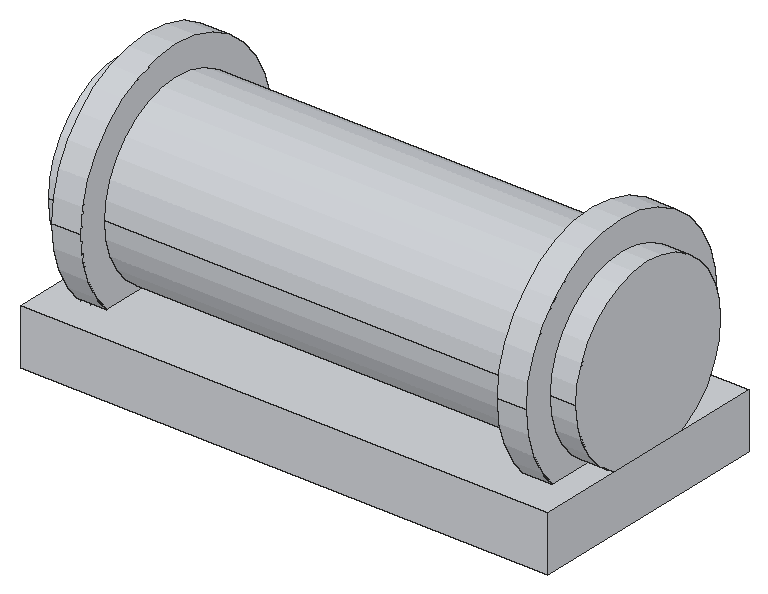
Revit family "GIS_BusModule", category Modelos genéricos, Revit 2027
Family settings
  Pode hospedar o vergalhão = Não
  Cota do conector redondo = Utilizar diâmetro
  Tipo de parte = Normal
  Com base no plano de trabalho = Não
  Sempre na vertical = Sim
  Corte com vazios quando carregada = Não
  Manter orientação da anotação = Não
  Compartilhado = Não
  Ponto de cálculo do ambiente = Não
Parameters (values of type "GIS_BUS_F35_145KV_VARIANT_REFERENCE")
  Elevação padrão = 0 mm
  BIM_TensaoSecundaria_kV = 0
  BIM_TensaoNominal_kV = 138
  BIM_TensaoClasse_kV = 145
  BIM_TensaoClasseSecundaria_kV = 0
  BIM_TensaoAuxiliarCA_kV = 0
  BIM_Sistema_Elemento [instance] = ""
  BIM_ReferenciaCatalogo = "GE Vernova F35-145 brochure: fully digital SF6 variant bay width 800 mm; bus-module envelope, enclosure size, joints and supports remain portfolio estimates"
  BIM_Profundidade = 380 mm
  BIM_Potencia_MVA = 0
  BIM_Localizacao [instance] = ""
  BIM_Largura = 800 mm
  BIM_Impedancia_pu = 0
  BIM_FonteGeometria = "GE Vernova F35-145 brochure: fully digital SF6 variant bay width 800 mm; bus-module envelope, enclosure size, joints and supports remain portfolio estimates"
  BIM_Fabricante = "NAO SELECIONADO"
  BIM_EstadoGeometria = "REFERENCE_PITCH_ESTIMATED_MODULE"
  BIM_EstadoEspecificacao = "PREMISSA / NAO SELECIONADO"
  BIM_DescricaoEstudo = "Módulo geométrico de invólucro de barra, pitch referenciado em variante F35; diâmetro, juntas e suportes estimados; condutor interno não modelado."
  BIM_CorrenteReferenciaSecundaria_A = 0
  BIM_CorrenteNominal_A = 0
  BIM_Bay [instance] = ""
  BIM_AlturaCorpoPrincipal = 83.6 mm
  BIM_Altura = 380 mm
Reference planes
  plane 1 "Centro (Frente/Trás)": y = 0
  plane 2: z = 0
  plane 3 "Centro (Esquerda/Direita)": x = 0
  plane 4 "BIM Left": x = -400
  plane 5 "BIM Right": x = 400
  plane 6 "BIM Front": y = -190
  plane 7 "BIM Back": y = 190
Forms (mm)
  Extrusion 1, solid
    sketch origin (0, 0, 0) x (1, 0, 0) y (0, 1, 0)
      loop
        line (-400, -190) -> (400, -190) -> (400, 190) -> (-400, 190) -> (-400, -190)
    from 0 to 83.6 <- "BIM_AlturaCorpoPrincipal"
  Extrusion 2, solid
    sketch origin (-400, 0, 205.2) x (0, 1, 0) y (0, 0, 1)
      loop
        circle (0, 0) r 136.8
    from 0 to 800
  Extrusion 3, solid
    sketch origin (-360, 0, 205.2) x (0, 1, 0) y (0, 0, 1)
      loop
        circle (0, 0) r 180.576
      loop
        circle (0, 0) r 113.544
    from 0 to 44
  Extrusion 4, solid
    sketch origin (316, 0, 205.2) x (0, 1, 0) y (0, 0, 1)
      loop
        circle (0, 0) r 180.576
      loop
        circle (0, 0) r 113.544
    from 0 to 44
Dimensions and locks
  "BIM_Largura": plane 4 "BIM Left" to plane 5 "BIM Right"
  "BIM_Profundidade": plane 6 "BIM Front" to plane 7 "BIM Back"
  aligned and locked: level to plane 2
  aligned and locked: plane 4 "BIM Left" to Extrusion 1
  aligned and locked: Extrusion 1 to plane 5 "BIM Right"
  aligned and locked: Extrusion 1 to plane 6 "BIM Front"
  aligned and locked: plane 7 "BIM Back" to Extrusion 1
Automatic sketch dimensions
  Extrusion 1 sketch curve to plane 4 "BIM Left" = 0 mm
  Extrusion 1 sketch curve to plane 5 "BIM Right" = 0 mm
  Extrusion 1 sketch curve to plane 6 "BIM Front" = 0 mm
  Extrusion 1 sketch curve to plane 7 "BIM Back" = 0 mm
  Extrusion 2 sketch curve to Extrusion 2 sketch curve = 0 mm  (x2)
  Extrusion 2 sketch curve to plane 1 "Centro (Frente/Trás)" = 0 mm
  level to Extrusion 2 sketch curve = 205.2 mm
  plane 6 "BIM Front" to Extrusion 2 sketch curve = 53.2 mm
  Extrusion 3 sketch curve to Extrusion 3 sketch curve = 0 mm  (x12)
  Extrusion 3 sketch curve to plane 1 "Centro (Frente/Trás)" = 0 mm
  level to Extrusion 3 sketch curve = 205.2 mm
  plane 6 "BIM Front" to Extrusion 3 sketch curve = 76.456 mm
  plane 6 "BIM Front" to Extrusion 3 sketch curve = 9.424 mm
  Extrusion 4 sketch curve to Extrusion 4 sketch curve = 0 mm  (x12)
  Extrusion 4 sketch curve to plane 1 "Centro (Frente/Trás)" = 0 mm
  level to Extrusion 4 sketch curve = 205.2 mm
  plane 6 "BIM Front" to Extrusion 4 sketch curve = 76.456 mm
  plane 6 "BIM Front" to Extrusion 4 sketch curve = 9.424 mm
